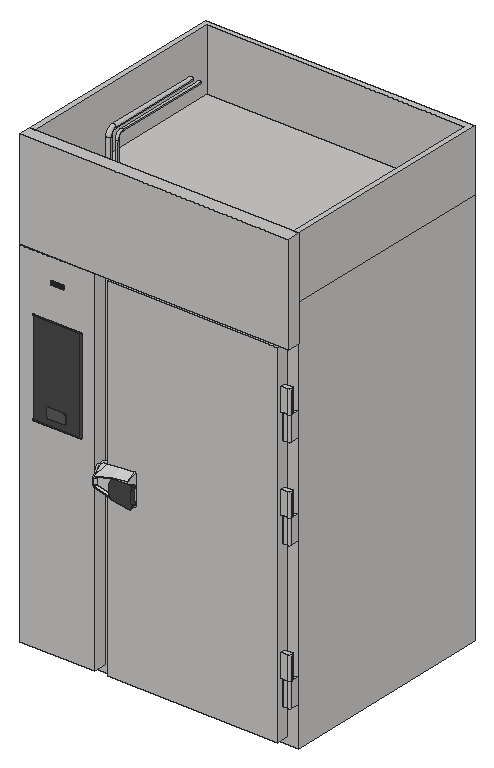
Revit family "QF_ZANUSSI_110553_ZBFA22RE", category Specialty Equipment, Revit 2018
Family settings
  Round Connector Dimension = Use Radius
  Part Type = Normal
  Work Plane-Based = No
  Always vertical = Yes
  Cut with Voids When Loaded = No
  Shared = Yes
  Room Calculation Point = No
Parameters
  Weight = 0.00 kg
  Watts = 209.032 W
  Volts = 380 V
  URL Manufacturer = "http://www.zanussiprofessional.com"
  URL = "http://www.zanussiprofessional.com"
  Steam Supply Size = 0"
  Steam Supply Minimum Pressure = 0.00 psi
  Steam Supply Maximum Pressure = 0.00 psi
  Steam Pounds per Hour = 0
  Show Logo [instance] = yes
  Refrigeration Suction Line Size = 0"
  Refrigeration Liquid Line Size = 0"
  Refrigerant Compressor Remote = yes
  Phase = 3
  Model = "ZBFA22RE"
  Manufacturer = "Zanussi"
  Length Actual = 1400 mm  # constant formula
  Item Number = "110553"
  Hot Water Size = 0"
  Height Actual = 2270 mm  # constant formula
  HP = "3 HP"
  Gas Size = 0"
  Gas KW = 0
  Gas Input Pressure = 0.0 Btu/h
  Description = "RAPIDO BLAST CHILLER FREEZER 200/170KG 20 GN 2/1 - REMOTE REFRIGERATING UNIT"
  Depth Actual = 1266 mm  # constant formula
  Cycle = 60 Hz
  Condensate Return Size = 0"
  Compressed Air Volume = 0 GPM
  Compressed Air Size = 0"
  Compressed Air Pressure = 0.00 psi
  Cold Water Size = 0"
  Assembly Code = ""
  Show Clearance [instance] = yes
  Accessory = yes
Reference planes
  plane 1 "BACK": y = 1
  plane 2: z = 0
  plane 3 "LEFT": x = 0
  plane 4 "RIGHT": x = 1400
  plane 5 "FRONT": y = -1205
  plane 6 "TOP": z = 2400
  plane 7 "Center Y": x = 700
  plane 8: y = -2155
  plane 9: y = -602
Forms (mm)
  Extrusion 1, solid, material "QF_Clearance", visible <- "Show Clearance", detail levels coarse
    sketch origin (0, 0, -70) x (1, 0, 0) y (0, 1, 0)
      loop
        line (0, -1205) -> (0, 1) -> (1400, 1) -> (1400, -1205) -> (1500, -1205) -> (1500, 101) -> (-100, 101) -> (-100, -1205) -> (0, -1205)
    from 70 to 2670
  Extrusion 2, solid, material "QF_Finishes_Stainless Steel"
    sketch origin (349.253, 33, 630.991) x (-1, 0, 0) y (0, -1, 0)
      loop
        line (349.253, 1172.759) -> (349.253, 1238) -> (-39.747, 1238) -> (-39.747, 1172.759) -> (349.253, 1172.759)
    from -597 to 1254
  Extrusion 3, solid, material "QF_Finishes_Stainless Steel"
    sketch origin (596.16, 27.971, -70) x (1, 0, 0) y (0, 1, 0)
      loop
        line (743.84, -1172.971) -> (-141.16, -1172.971) -> (-141.16, -1232.971) -> (743.84, -1232.971) -> (743.84, -1172.971)
    from 103.991 to 1945.25
  Extrusion 4, solid, material "QF_Door-Drawer Clearances", visible <- "Show Clearance", detail levels coarse
    sketch origin (875, -72.029, -91.802) x (-1, 0, 0) y (0, -1, 0)
      loop
        line (-465, 2025.971) -> (-465, 1132.971) -> (420, 1132.971)
        arc (420, 1132.971) -> (153.836, 1754.227) -> (-465, 2025.971) r 920
    from 125.793 to 1967.052
  Extrusion 5, solid, material "QF_Finishes_Stainless Steel"
    sketch origin (0, -1139.759, 0) x (0, 1, 0) y (-1, 0, 0)
      loop
        line (1140.759, 0) -> (0.759, 0) -> (0.759, -1400) -> (1140.759, -1400) -> (1140.759, 0)
    from 0 to 2080
  Extrusion 6, solid, material "QF_Finishes_Stainless Steel"
    sketch origin (0, 0, -70) x (0, 1, 0) y (0, 0, 1)
      loop
        line (-1139, 2470) -> (-1205, 2470) -> (-1205, 1956) -> (-1139, 1956) -> (-1139, 2470)
    from 0 to 1400
  Extrusion 7, solid, material "QF_Finishes_Stainless Steel"
    sketch origin (0, -1139.759, 2080) x (0, 1, 0) y (-1, 0, 0)
      loop
        line (1140.759, 0) -> (0.759, 0) -> (0.759, -27.807) -> (1112.952, -27.807) -> (1112.952, -1372.193) -> (0.759, -1372.193) -> (0.759, -1400) -> (1140.759, -1400) -> (1140.759, 0)
    from 0 to 320
  Extrusion 8, solid, material "QF_Clearance", visible <- "Show Clearance", detail levels coarse
    sketch origin (0, 0, 2400) x (-1, 0, 0) y (0, -1, 0)
      loop
        line (0, 1205) -> (-1400, 1205) -> (-1400, -1) -> (0, -1) -> (0, 1205)
    from 0 to 200
  Extrusion 9, solid, material "QF_Finishes_Stainless Steel"
    sketch origin (-390.239, -0.977, 1172.559) x (1, 0, 0) y (0, 1, 0)
      loop
        line (1730.239, -1159.557) -> (1730.239, -1186.759) -> (1771.078, -1186.759)
        arc (1771.078, -1186.759) -> (1778.149, -1183.83) -> (1781.078, -1176.759) r 10
        line (1781.078, -1176.759) -> (1781.078, -1169.557)
        arc (1781.078, -1169.557) -> (1778.149, -1162.486) -> (1771.078, -1159.557) r 10
        line (1771.078, -1159.557) -> (1730.239, -1159.557)
    from 398 to 516
  Extrusion 10, solid, material "QF_Finishes_Stainless Steel"
    sketch origin (-388.989, -0.977, 1172.559) x (1, 0, 0) y (0, 1, 0)
      loop
        line (1779.828, -1138.023) -> (1738.215, -1138.023) -> (1738.215, -1176.759)
        arc (1738.215, -1176.759) -> (1741.143, -1183.83) -> (1748.215, -1186.759) r 10
        line (1748.215, -1186.759) -> (1769.828, -1186.759)
        arc (1769.828, -1186.759) -> (1776.899, -1183.83) -> (1779.828, -1176.759) r 10
        line (1779.828, -1176.759) -> (1779.828, -1138.023)
    from 269 to 396
  Extrusion 11, solid, material "QF_Finishes_Handrails and Railings"
    sketch origin (0, -1205, -139.705) x (-1, 0, 0) y (0, 0, 1)
      loop
        arc (-455, 1022.346) -> (-433.392, 1027.289) -> (-413, 1035.976) r 124.815
        arc (-413, 1035.976) -> (-402.037, 1046.425) -> (-398, 1061.023) r 28.412
        line (-398, 1061.023) -> (-398, 1124.287)
        arc (-398, 1124.287) -> (-402.037, 1138.885) -> (-413, 1149.334) r 28.412
        arc (-413, 1149.334) -> (-433.392, 1158.021) -> (-455, 1162.964) r 124.815
        line (-455, 1162.964) -> (-455, 1022.346)
    from 0 to 25
  Extrusion 12, solid, material "QF_Finishes_Stainless Steel"
    sketch origin (0, 1, -70) x (1, 0, 0) y (0, 0, 1)
      loop
        circle (50.191, 2279.706) r 10
    from -2 to 0
  Extrusion 13, solid
    sketch origin (0, 0, -70) x (1, 0, 0) y (0, 1, 0)
      loop
        circle (271, -895) r 12.7
    from 180 to 190
  Sweep 14, solid, material "QF_Finishes_Stainless Steel"
    path in 3D
      loop
        line (196, -872.727, 2090) -> (196, -872.727, 2314.785)
        arc (196, -872.727, 2314.785) -> (196, -863.94, 2335.999) -> (196, -842.727, 2344.785) r 30
        line (196, -842.727, 2344.785) -> (196, -337, 2344.785)
    profile origin (196, -589.864, 2344.785) x (-1, 0, 0) y (0, 0, 1)
      loop
        circle (0, -0.785) r 11
  Sweep 15, solid, material "QF_Finishes_Stainless Steel"
    path in 3D
      loop
        line (239, -337, 2344) -> (239, -842.727, 2344)
        arc (239, -842.727, 2344) -> (239, -863.94, 2335.213) -> (239, -872.727, 2314) r 30
        line (239, -872.727, 2314) -> (239, -872.727, 2090)
    profile origin (239, -589.864, 2344) x (1, 0, 0) y (0, 0, 1)
      loop
        circle (0, 0) r 6
  Extrusion 16, solid, material "QF_Finishes_Stainless Steel"
    sketch origin (0, -1139.759, 2080) x (0, 1, 0) y (-1, 0, 0)
      loop
        line (272.791, -163.68) -> (262.791, -163.68)
        arc (262.791, -163.68) -> (252.185, -168.074) -> (247.791, -178.68) r 15
        line (247.791, -178.68) -> (247.791, -270.358)
        arc (247.791, -270.358) -> (252.185, -280.965) -> (262.791, -285.358) r 15
        line (262.791, -285.358) -> (272.791, -285.358)
        arc (272.791, -285.358) -> (283.398, -280.965) -> (287.791, -270.358) r 15
        line (287.791, -270.358) -> (287.791, -178.68)
        arc (287.791, -178.68) -> (283.398, -168.074) -> (272.791, -163.68) r 15
    from 0 to 10
  Blend 17, solid, material "QF_Finishes_Handrails and Railings"
    base sketch origin (0, -1205, -139.705) x (1, 0, 0) y (0, 0, 1)
      loop
        arc (455, 1162.964) -> (433.392, 1158.021) -> (413, 1149.334) r 124.815
        arc (413, 1149.334) -> (402.037, 1138.885) -> (398, 1124.287) r 28.412
        line (398, 1124.287) -> (398, 1061.023)
        arc (398, 1061.023) -> (402.037, 1046.425) -> (413, 1035.976) r 28.412
        arc (413, 1035.976) -> (433.392, 1027.289) -> (455, 1022.346) r 124.815
        arc (455, 1022.346) -> (524.77, 1014.896) -> (594.859, 1011.587) r 1185.63
        arc (594.859, 1011.587) -> (600.607, 1013.879) -> (603, 1019.586) r 8
        line (603, 1019.586) -> (603, 1165.724)
        arc (603, 1165.724) -> (600.607, 1171.431) -> (594.859, 1173.723) r 8
        arc (594.859, 1173.723) -> (524.77, 1170.414) -> (455, 1162.964) r 1185.63
    top sketch origin (0, -1205, -139.705) x (1, 0, 0) y (0, 0, 1)
      loop
        line (421, 1108.337) -> (421, 1076.973)
        arc (421, 1076.973) -> (423.295, 1069.915) -> (429.302, 1065.557) r 12
        arc (429.302, 1065.557) -> (515.086, 1044.22) -> (603, 1034.974) r 636.459
        line (603, 1034.974) -> (603, 1150.336)
        arc (603, 1150.336) -> (515.086, 1141.09) -> (429.302, 1119.753) r 636.459
        arc (429.302, 1119.753) -> (423.295, 1115.395) -> (421, 1108.337) r 12
    from 0 to 50
  Blend 18, void
    base sketch origin (0, -1255, -139.705) x (-1, 0, 0) y (0, 0, 1)
      loop
        arc (-430.843, 1114.996) -> (-515.866, 1136.151) -> (-603, 1145.333) r 631.459
        line (-603, 1145.333) -> (-603, 1039.977)
        arc (-603, 1039.977) -> (-515.866, 1049.159) -> (-430.843, 1070.314) r 631.459
        arc (-430.843, 1070.314) -> (-427.339, 1072.856) -> (-426, 1076.973) r 7
        line (-426, 1076.973) -> (-426, 1108.337)
        arc (-426, 1108.337) -> (-427.339, 1112.454) -> (-430.843, 1114.996) r 7
    top sketch origin (0, -1255, -139.705) x (-1, 0, 0) y (0, 0, 1)
      loop
        arc (-432.384, 1110.24) -> (-516.647, 1131.211) -> (-603, 1140.33) r 626.459
        line (-603, 1140.33) -> (-603, 1044.98)
        arc (-603, 1044.98) -> (-516.647, 1054.099) -> (-432.384, 1075.07) r 626.459
        arc (-432.384, 1075.07) -> (-431.382, 1075.797) -> (-431, 1076.973) r 2
        line (-431, 1076.973) -> (-431, 1108.337)
        arc (-431, 1108.337) -> (-431.382, 1109.513) -> (-432.384, 1110.24) r 2
    from 0 to 10
  Blend 19, solid, material "QF_Finishes_Black"
    base sketch origin (0, -1245, -139.705) x (1, 0, 0) y (0, 0, 1)
      loop
        arc (628.567, 1043.419) -> (622.014, 1092.655) -> (628.567, 1141.89) r 188.232
        arc (628.567, 1141.89) -> (627.358, 1147.991) -> (621.77, 1150.721) r 7
        arc (621.77, 1150.721) -> (572.304, 1148.509) -> (523.16, 1142.458) r 636.459
        arc (523.16, 1142.458) -> (507.711, 1092.655) -> (523.16, 1042.852) r 88
        arc (523.16, 1042.852) -> (572.304, 1036.801) -> (621.77, 1034.589) r 636.459
        arc (621.77, 1034.589) -> (627.358, 1037.319) -> (628.567, 1043.419) r 7
    top sketch origin (0, -1245, -139.705) x (1, 0, 0) y (0, 0, 1)
      loop
        arc (626.748, 1050.703) -> (622.014, 1092.655) -> (626.748, 1134.607) r 188.232
        arc (626.748, 1134.607) -> (625.775, 1138.85) -> (621.845, 1140.722) r 5
        arc (621.845, 1140.722) -> (569.023, 1138.185) -> (516.603, 1131.203) r 626.459
        arc (516.603, 1131.203) -> (507.711, 1092.655) -> (516.603, 1054.107) r 88
        arc (516.603, 1054.107) -> (569.023, 1047.124) -> (621.845, 1044.588) r 626.459
        arc (621.845, 1044.588) -> (625.775, 1046.46) -> (626.748, 1050.703) r 5
    from 20 to 0
  Extrusion 20, solid, material "QF_Finishes_Stainless Steel"
    sketch origin (-390.239, -0.977, 692.559) x (1, 0, 0) y (0, 1, 0)
      loop
        line (1730.239, -1159.557) -> (1730.239, -1186.759) -> (1771.078, -1186.759)
        arc (1771.078, -1186.759) -> (1778.149, -1183.83) -> (1781.078, -1176.759) r 10
        line (1781.078, -1176.759) -> (1781.078, -1169.557)
        arc (1781.078, -1169.557) -> (1778.149, -1162.486) -> (1771.078, -1159.557) r 10
        line (1771.078, -1159.557) -> (1730.239, -1159.557)
    from 398 to 516
  Extrusion 21, solid, material "QF_Finishes_Stainless Steel"
    sketch origin (-388.989, -0.977, 692.559) x (1, 0, 0) y (0, 1, 0)
      loop
        line (1779.828, -1138.023) -> (1738.215, -1138.023) -> (1738.215, -1176.759)
        arc (1738.215, -1176.759) -> (1741.143, -1183.83) -> (1748.215, -1186.759) r 10
        line (1748.215, -1186.759) -> (1769.828, -1186.759)
        arc (1769.828, -1186.759) -> (1776.899, -1183.83) -> (1779.828, -1176.759) r 10
        line (1779.828, -1176.759) -> (1779.828, -1138.023)
    from 269 to 396
  Extrusion 22, solid, material "QF_Finishes_Stainless Steel"
    sketch origin (-390.239, -0.977, -67.441) x (1, 0, 0) y (0, 1, 0)
      loop
        line (1730.239, -1159.557) -> (1730.239, -1186.759) -> (1771.078, -1186.759)
        arc (1771.078, -1186.759) -> (1778.149, -1183.83) -> (1781.078, -1176.759) r 10
        line (1781.078, -1176.759) -> (1781.078, -1169.557)
        arc (1781.078, -1169.557) -> (1778.149, -1162.486) -> (1771.078, -1159.557) r 10
        line (1771.078, -1159.557) -> (1730.239, -1159.557)
    from 398 to 516
  Extrusion 23, solid, material "QF_Finishes_Stainless Steel"
    sketch origin (-388.989, -0.977, -67.441) x (1, 0, 0) y (0, 1, 0)
      loop
        line (1779.828, -1138.023) -> (1738.215, -1138.023) -> (1738.215, -1176.759)
        arc (1738.215, -1176.759) -> (1741.143, -1183.83) -> (1748.215, -1186.759) r 10
        line (1748.215, -1186.759) -> (1769.828, -1186.759)
        arc (1769.828, -1186.759) -> (1776.899, -1183.83) -> (1779.828, -1176.759) r 10
        line (1779.828, -1176.759) -> (1779.828, -1138.023)
    from 269 to 396
  Extrusion 24, solid, material "QF_Door-Drawer Clearances", visible <- "Show Clearance", detail levels coarse
    sketch origin (167.029, -1956.84, -70) x (0, 1, 0) y (-1, 0, 0)
      loop
        line (751.84, -1172.971) -> (-141.16, -1172.971) -> (-141.16, -1232.971) -> (751.84, -1232.971) -> (751.84, -1172.971)
    from 103.991 to 1945.25
  Extrusion 25, solid, material "QF_Door-Drawer Clearances", visible <- "Show Clearance", detail levels coarse
    sketch origin (1400, -2553, -139.705) x (0, -1, 0) y (0, 0, 1)
      loop
        arc (-455, 1022.346) -> (-433.392, 1027.289) -> (-413, 1035.976) r 124.815
        arc (-413, 1035.976) -> (-402.037, 1046.425) -> (-398, 1061.023) r 28.412
        line (-398, 1061.023) -> (-398, 1124.287)
        arc (-398, 1124.287) -> (-402.037, 1138.885) -> (-413, 1149.334) r 28.412
        arc (-413, 1149.334) -> (-433.392, 1158.021) -> (-455, 1162.964) r 124.815
        line (-455, 1162.964) -> (-455, 1022.346)
    from 0 to 25
  Blend 26, solid, material "QF_Door-Drawer Clearances", visible <- "Show Clearance", detail levels coarse
    base sketch origin (1400, -2553, -139.705) x (0, 1, 0) y (0, 0, 1)
      loop
        arc (455, 1162.964) -> (433.392, 1158.021) -> (413, 1149.334) r 124.815
        arc (413, 1149.334) -> (402.037, 1138.885) -> (398, 1124.287) r 28.412
        line (398, 1124.287) -> (398, 1061.023)
        arc (398, 1061.023) -> (402.037, 1046.425) -> (413, 1035.976) r 28.412
        arc (413, 1035.976) -> (433.392, 1027.289) -> (455, 1022.346) r 124.815
        arc (455, 1022.346) -> (524.77, 1014.896) -> (594.859, 1011.587) r 1185.63
        arc (594.859, 1011.587) -> (600.607, 1013.879) -> (603, 1019.586) r 8
        line (603, 1019.586) -> (603, 1165.724)
        arc (603, 1165.724) -> (600.607, 1171.431) -> (594.859, 1173.723) r 8
        arc (594.859, 1173.723) -> (524.77, 1170.414) -> (455, 1162.964) r 1185.63
    top sketch origin (1400, -2553, -139.705) x (0, 1, 0) y (0, 0, 1)
      loop
        line (421, 1108.337) -> (421, 1076.973)
        arc (421, 1076.973) -> (423.295, 1069.915) -> (429.302, 1065.557) r 12
        arc (429.302, 1065.557) -> (515.086, 1044.22) -> (603, 1034.974) r 636.459
        line (603, 1034.974) -> (603, 1150.336)
        arc (603, 1150.336) -> (515.086, 1141.09) -> (429.302, 1119.753) r 636.459
        arc (429.302, 1119.753) -> (423.295, 1115.395) -> (421, 1108.337) r 12
    from 0 to 50
  Blend 27, void
    base sketch origin (1450, -2553, -139.705) x (0, -1, 0) y (0, 0, 1)
      loop
        arc (-430.843, 1114.996) -> (-515.866, 1136.151) -> (-603, 1145.333) r 631.459
        line (-603, 1145.333) -> (-603, 1039.977)
        arc (-603, 1039.977) -> (-515.866, 1049.159) -> (-430.843, 1070.314) r 631.459
        arc (-430.843, 1070.314) -> (-427.339, 1072.856) -> (-426, 1076.973) r 7
        line (-426, 1076.973) -> (-426, 1108.337)
        arc (-426, 1108.337) -> (-427.339, 1112.454) -> (-430.843, 1114.996) r 7
    top sketch origin (1450, -2553, -139.705) x (0, -1, 0) y (0, 0, 1)
      loop
        arc (-432.384, 1110.24) -> (-516.647, 1131.211) -> (-603, 1140.33) r 626.459
        line (-603, 1140.33) -> (-603, 1044.98)
        arc (-603, 1044.98) -> (-516.647, 1054.099) -> (-432.384, 1075.07) r 626.459
        arc (-432.384, 1075.07) -> (-431.382, 1075.797) -> (-431, 1076.973) r 2
        line (-431, 1076.973) -> (-431, 1108.337)
        arc (-431, 1108.337) -> (-431.382, 1109.513) -> (-432.384, 1110.24) r 2
    from 0 to 10
  Blend 28, solid, material "QF_Door-Drawer Clearances", visible <- "Show Clearance", detail levels coarse
    base sketch origin (1440, -2553, -139.705) x (0, 1, 0) y (0, 0, 1)
      loop
        arc (628.567, 1043.419) -> (622.014, 1092.655) -> (628.567, 1141.89) r 188.232
        arc (628.567, 1141.89) -> (627.358, 1147.991) -> (621.77, 1150.721) r 7
        arc (621.77, 1150.721) -> (572.304, 1148.509) -> (523.16, 1142.458) r 636.459
        arc (523.16, 1142.458) -> (507.711, 1092.655) -> (523.16, 1042.852) r 88
        arc (523.16, 1042.852) -> (572.304, 1036.801) -> (621.77, 1034.589) r 636.459
        arc (621.77, 1034.589) -> (627.358, 1037.319) -> (628.567, 1043.419) r 7
    top sketch origin (1440, -2553, -139.705) x (0, 1, 0) y (0, 0, 1)
      loop
        arc (626.748, 1050.703) -> (622.014, 1092.655) -> (626.748, 1134.607) r 188.232
        arc (626.748, 1134.607) -> (625.775, 1138.85) -> (621.845, 1140.722) r 5
        arc (621.845, 1140.722) -> (569.023, 1138.185) -> (516.603, 1131.203) r 626.459
        arc (516.603, 1131.203) -> (507.711, 1092.655) -> (516.603, 1054.107) r 88
        arc (516.603, 1054.107) -> (569.023, 1047.124) -> (621.845, 1044.588) r 626.459
        arc (621.845, 1044.588) -> (625.775, 1046.46) -> (626.748, 1050.703) r 5
    from 20 to -1
Cuts and joins
  Blend 18 cuts Blend 17
  joined: Extrusion 11, Blend 17
  Blend 18 cuts Extrusion 4
  Blend 27 cuts Blend 26
  Blend 27 cuts Blend 28
  joined: Extrusion 4, Extrusion 24, Extrusion 25, Blend 26, Blend 28
  joined: Extrusion 7, Extrusion 12
  joined: Extrusion 5, Extrusion 10, Sweep 14, Sweep 15, Extrusion 16, Extrusion 21, Extrusion 23
  joined: Extrusion 3, Extrusion 9, Extrusion 20, Extrusion 22
  joined: Extrusion 1, Extrusion 8
Lines and regions (mm)
  symbolic lines, style "QF-Clearances", visible <- "Show Clearance", detail levels coarse
    curve 1: line (-100, -1204.241, 70) -> (-100, 101, 70)
    curve 2: line (-100, 101, 70) -> (1500, 101, 70)
    curve 3: line (1500, 101, 70) -> (1500, -1204.241, 70)
  symbolic lines
    curve 4: line (185, -336.968, 70) -> (207, -336.968, 70)
    curve 5: line (207, -336.968, 70) -> (207, -871.942, 70)
    curve 6: line (233, -872.727, 70) -> (233, -337, 70)
    curve 7: line (233, -337, 70) -> (245, -337, 70)
    curve 8: line (245, -337, 70) -> (245, -872.727, 70)
    curve 9: line (245, -851.968, 70) -> (270.358, -851.968, 70)
    curve 10: arc (285.358, -866.968, 70) -> (280.965, -856.361, 70) -> (270.358, -851.968, 70) r 15
    curve 11: line (285.358, -876.968, 70) -> (285.358, -866.968, 70)
    curve 12: arc (270.358, -891.968, 70) -> (280.965, -887.575, 70) -> (285.358, -876.968, 70) r 15
    curve 13: line (178.68, -891.968, 70) -> (270.358, -891.968, 70)
    curve 14: arc (163.68, -876.968, 70) -> (168.074, -887.575, 70) -> (178.68, -891.968, 70) r 15
    curve 15: line (163.68, -866.968, 70) -> (163.68, -876.968, 70)
    curve 16: arc (178.68, -851.968, 70) -> (168.074, -856.361, 70) -> (163.68, -866.968, 70) r 15
    curve 17: arc (207, -871.942, 70) -> (196, -882.942, 70) -> (185, -871.942, 70) r 11
    curve 18: arc (233, -872.727, 70) -> (239, -878.727, 70) -> (245, -872.727, 70) r 6
    curve 19: line (178.68, -851.968, 70) -> (185, -851.968, 70)
    curve 20: line (185, -336.968, 70) -> (185, -871.942, 70)
    curve 21: line (207, -851.968, 70) -> (233, -851.968, 70)
    curve 22: line (0, 1, 70) -> (1400, 1, 70)
    curve 23: line (0, -1205, 70) -> (0, 1, 70)
    curve 24: line (1400, -1205, 70) -> (0, -1205, 70)
    curve 25: line (1400, 1, 70) -> (1400, -1205, 70)
    curve 26: line (27.807, -26.807, 70) -> (1372.193, -26.807, 70)
    curve 27: line (27.807, -1139, 70) -> (27.807, -26.807, 70)
    curve 28: line (1400, -1139, 70) -> (0, -1139, 70)
    curve 29: line (1372.193, -26.807, 70) -> (1372.193, -1139, 70)
    curve 30: line (75.5, -1210, 70) -> (313.5, -1210, 70)
    curve 31: line (75.5, -1210, 70) -> (67.5, -1205, 70)
    curve 32: line (313.5, -1210, 70) -> (321.5, -1205, 70)
    curve 33: line (421, -1255, 70) -> (398, -1205, 70)
    curve 34: line (421, -1255, 70) -> (603, -1255, 70)
    curve 35: line (603, -1255, 70) -> (603, -1205, 70)
    curve 36: line (603, -1245, 70) -> (626.748, -1245, 70)
    curve 37: line (626.748, -1245, 70) -> (628.811, -1265, 70)
    curve 38: line (628.811, -1265, 70) -> (507.711, -1265, 70)
    curve 39: line (507.711, -1265, 70) -> (507.711, -1255, 70)
  symbolic lines, style "QF_Door-Drawer Clearances", visible <- "Show Clearance"
    curve 40: line (1450, -2132, 70) -> (1400, -2155, 70)
    curve 41: line (1450, -2132, 70) -> (1450, -1950, 70)
    curve 42: line (1450, -1950, 70) -> (1400, -1950, 70)
    curve 43: line (1439, -1950, 70) -> (1439, -1926.126, 70)
    curve 44: line (1439, -1926.126, 70) -> (1460, -1924.189, 70)
    curve 45: line (1460, -1924.189, 70) -> (1460, -2045.289, 70)
    curve 46: line (1460, -2045.289, 70) -> (1450, -2045.289, 70)
    curve 47: line (1375, -2098, 70) -> (1375, -2155, 70)
    curve 48: line (1340, -2098, 70) -> (1400, -2098, 70)
    curve 49: arc (457.796, -1255, 70) -> (739.031, -1843.801, 70) -> (1340, -2098, 70) r 920
    curve 50: line (1400, -2155, 70) -> (1375, -2155, 70)
    curve 51: line (1400, -2098, 70) -> (1400, -1205, 70)
    curve 58: line (1340, -2098, 70) -> (1340, -1205, 70)
  sketch lines
    curve 52: line (196, -842.727, 2344.785) -> (196, -337, 2344.785)
    curve 53: arc (196, -872.727, 2314.785) -> (196, -863.94, 2335.999) -> (196, -842.727, 2344.785) r 30
    curve 54: line (196, -872.727, 2090) -> (196, -872.727, 2314.785)
    curve 55: line (239, -337, 2344) -> (239, -842.727, 2344)
    curve 56: arc (239, -842.727, 2344) -> (239, -863.94, 2335.213) -> (239, -872.727, 2314) r 30
    curve 57: line (239, -872.727, 2314) -> (239, -872.727, 2090)
Dimensions and locks
  plane 5 "FRONT" to plane 1 "BACK" = 1206 mm
  plane 6 "TOP" to level = 2400 mm
  plane 4 "RIGHT" to plane 3 "LEFT" = 1400 mm
  plane 3 "LEFT" to plane 4 "RIGHT" = 1400 mm
  equal spacing: plane 3 "LEFT", plane 7 "Center Y", plane 4 "RIGHT"
  plane 1 "BACK" to plane 5 "FRONT" = 1206 mm
  aligned and locked: level to plane 2
Automatic sketch dimensions
  plane 5 "FRONT" to Extrusion 1 sketch curve = 0 mm  (x2)
  Extrusion 1 sketch curve to plane 3 "LEFT" = 0 mm
  plane 1 "BACK" to Extrusion 1 sketch curve = 0 mm
  Extrusion 1 sketch curve to plane 4 "RIGHT" = 0 mm
  Extrusion 1 sketch curve to plane 3 "LEFT" = 100 mm
  plane 4 "RIGHT" to Extrusion 1 sketch curve = 100 mm
  Extrusion 1 sketch curve to plane 1 "BACK" = 100 mm
  plane 5 "FRONT" to Extrusion 2 sketch curve = 0 mm
  Extrusion 2 sketch curve to plane 3 "LEFT" = 0 mm
  Extrusion 2 sketch curve to plane 5 "FRONT" = 65.241 mm
  plane 5 "FRONT" to Extrusion 3 sketch curve = 0 mm
  Extrusion 3 sketch curve to plane 5 "FRONT" = 60 mm
  Extrusion 3 sketch curve to plane 4 "RIGHT" = 60 mm
  plane 5 "FRONT" to Extrusion 4 sketch curve = 0 mm
  Extrusion 4 sketch curve to plane 4 "RIGHT" = 25.377 mm
  Extrusion 4 sketch curve to Extrusion 4 sketch curve = 34.623 mm
  Extrusion 4 sketch curve to plane 5 "FRONT" = 26.348 mm
  Extrusion 5 sketch curve to plane 3 "LEFT" = 0 mm
  Extrusion 5 sketch curve to plane 4 "RIGHT" = 0 mm
  plane 1 "BACK" to Extrusion 5 sketch curve = 0 mm
  Extrusion 5 sketch curve to plane 5 "FRONT" = 66 mm
  Extrusion 6 sketch curve to plane 5 "FRONT" = 0 mm
  Extrusion 6 sketch curve to plane 5 "FRONT" = 66 mm
  Extrusion 6 sketch curve to plane 6 "TOP" = 514 mm
  plane 6 "TOP" to Extrusion 6 sketch curve = 0 mm
  Extrusion 5 to Extrusion 7 sketch curve = 0 mm
  Extrusion 7 sketch curve to Extrusion 5 = 0 mm  (x4)
  Extrusion 7 sketch curve to Extrusion 5 = 27.807 mm  (x3)
  Extrusion 8 sketch curve to plane 4 "RIGHT" = 0 mm
  plane 1 "BACK" to Extrusion 8 sketch curve = 0 mm
  Extrusion 8 sketch curve to plane 3 "LEFT" = 0 mm
  plane 5 "FRONT" to Extrusion 8 sketch curve = 0 mm
  Extrusion 9 sketch curve to plane 5 "FRONT" = 17.264 mm
  Extrusion 9 sketch curve to plane 4 "RIGHT" = 60 mm
  Extrusion 9 sketch curve to plane 4 "RIGHT" = 19.161 mm
  Extrusion 9 sketch curve to Extrusion 9 sketch curve = 0 mm
  Extrusion 9 sketch curve to plane 4 "RIGHT" = 9.161 mm
  Extrusion 9 sketch curve to Extrusion 9 sketch curve = 7.202 mm
  Extrusion 10 sketch curve to plane 5 "FRONT" = 27.264 mm
  Extrusion 10 sketch curve to plane 4 "RIGHT" = 50.775 mm
  Extrusion 10 sketch curve to Extrusion 10 sketch curve = 10 mm
  Extrusion 10 sketch curve to plane 4 "RIGHT" = 19.161 mm
  Extrusion 10 sketch curve to plane 4 "RIGHT" = 9.161 mm
  Extrusion 10 sketch curve to Extrusion 10 sketch curve = 38.736 mm
  plane 7 "Center Y" to Extrusion 11 sketch curve = 228.081 mm
  Extrusion 11 sketch curve to Extrusion 11 sketch curve = 0 mm
  Extrusion 11 sketch curve to Extrusion 11 sketch curve = 16.919 mm
  Extrusion 11 sketch curve to Extrusion 11 sketch curve = 28.588 mm  (x2)
  Extrusion 11 sketch curve to Extrusion 11 sketch curve = 28.412 mm
  level to Extrusion 11 sketch curve = 882.641 mm
  Extrusion 11 sketch curve to Extrusion 11 sketch curve = 16.954 mm  (x2)
  Extrusion 11 sketch curve to Extrusion 11 sketch curve = 38.676 mm
  Extrusion 11 sketch curve to Extrusion 11 sketch curve = 63.265 mm
  Extrusion 11 sketch curve to Extrusion 11 sketch curve = 21.722 mm
  plane 3 "LEFT" to Extrusion 12 sketch curve = 50.191 mm
  Extrusion 12 sketch curve to plane 6 "TOP" = 190.294 mm
  Extrusion 13 sketch curve to plane 9 = 293 mm
  Sweep 14 sketch curve to profile plane = 0 mm
  Sweep 14 sketch curve to profile plane = 0.785 mm
  profile plane to Sweep 15 sketch curve = 0 mm
  Sweep 15 sketch curve to profile plane = 0 mm
  Extrusion 16 sketch curve to Extrusion 5 = 247.032 mm
  Extrusion 16 sketch curve to Extrusion 16 sketch curve = 15 mm  (x3)
  Extrusion 16 sketch curve to Extrusion 16 sketch curve = 10 mm  (x2)
  Extrusion 16 sketch curve to Extrusion 5 = 285.358 mm
  Extrusion 16 sketch curve to Extrusion 16 sketch curve = 91.678 mm
  Blend 17 sketch curve to Extrusion 11 = 0 mm  (x4)
  Blend 17 sketch curve to Extrusion 11 = 28.412 mm
  Blend 17 sketch curve to Blend 17 sketch curve = 123.081 mm  (x2)
  Blend 17 sketch curve to Blend 17 sketch curve = 8 mm
  Extrusion 11 to Blend 17 sketch curve = 160.712 mm  (x2)
  Blend 17 sketch curve to Blend 17 sketch curve = 19.715 mm  (x2)
  Blend 17 sketch curve to Blend 17 sketch curve = 38.676 mm
  Blend 17 sketch curve to Extrusion 11 = 23 mm
  Blend 17 sketch curve to Blend 17 sketch curve = 12 mm  (x2)
  Extrusion 11 to Blend 17 sketch curve = 148 mm
  Extrusion 11 to Blend 17 sketch curve = 170.45 mm  (x2)
  Blend 17 sketch curve to Blend 17 sketch curve = 520.701 mm  (x2)
  Blend 17 sketch curve to Blend 17 sketch curve = 41.999 mm
  Blend 17 sketch curve to Blend 17 sketch curve = 31.364 mm
  Blend 17 sketch curve to Blend 17 sketch curve = 115.362 mm
  Blend 17 to Blend 18 sketch curve = 0 mm  (x2)
  Blend 18 sketch curve to Blend 18 sketch curve = 7 mm
  Blend 18 sketch curve to Blend 18 sketch curve = 31.364 mm  (x2)
  Blend 18 sketch curve to Blend 18 sketch curve = 2 mm
  Blend 18 to Blend 19 sketch curve = 18.811 mm  (x2)
  Blend 19 sketch curve to Blend 18 = 7.289 mm  (x2)
  Blend 19 sketch curve to Blend 19 sketch curve = 188.435 mm
  Blend 19 sketch curve to Blend 19 sketch curve = 7 mm  (x2)
  Blend 19 sketch curve to Blend 19 sketch curve = 51.066 mm  (x2)
  Blend 19 sketch curve to Blend 19 sketch curve = 0 mm  (x6)
  Blend 19 sketch curve to Blend 18 = 79.84 mm
  Blend 18 to Blend 19 sketch curve = 18.874 mm  (x2)
  Blend 19 sketch curve to Blend 19 sketch curve = 188.371 mm
  Blend 19 sketch curve to Blend 19 sketch curve = 5 mm  (x2)
  Blend 19 sketch curve to Blend 19 sketch curve = 43.067 mm  (x2)
  Blend 19 sketch curve to Blend 18 = 85.603 mm
  Extrusion 20 sketch curve to plane 5 "FRONT" = 17.264 mm
  Extrusion 20 sketch curve to plane 4 "RIGHT" = 60 mm
  Extrusion 20 sketch curve to plane 4 "RIGHT" = 19.161 mm
  Extrusion 20 sketch curve to Extrusion 20 sketch curve = 0 mm
  Extrusion 20 sketch curve to plane 4 "RIGHT" = 9.161 mm
  Extrusion 20 sketch curve to Extrusion 20 sketch curve = 7.202 mm
  Extrusion 21 sketch curve to plane 5 "FRONT" = 27.264 mm
  Extrusion 21 sketch curve to plane 4 "RIGHT" = 50.775 mm
  Extrusion 21 sketch curve to Extrusion 21 sketch curve = 10 mm
  Extrusion 21 sketch curve to plane 4 "RIGHT" = 19.161 mm
  Extrusion 21 sketch curve to plane 4 "RIGHT" = 9.161 mm
  Extrusion 21 sketch curve to Extrusion 21 sketch curve = 38.736 mm
  Extrusion 22 sketch curve to plane 5 "FRONT" = 17.264 mm
  Extrusion 22 sketch curve to plane 4 "RIGHT" = 60 mm
  Extrusion 22 sketch curve to plane 4 "RIGHT" = 19.161 mm
  Extrusion 22 sketch curve to Extrusion 22 sketch curve = 0 mm
  Extrusion 22 sketch curve to plane 4 "RIGHT" = 9.161 mm
  Extrusion 22 sketch curve to Extrusion 22 sketch curve = 7.202 mm
  Extrusion 23 sketch curve to plane 5 "FRONT" = 27.264 mm
  Extrusion 23 sketch curve to plane 4 "RIGHT" = 50.775 mm
  Extrusion 23 sketch curve to Extrusion 23 sketch curve = 10 mm
  Extrusion 23 sketch curve to plane 4 "RIGHT" = 19.161 mm
  Extrusion 23 sketch curve to plane 4 "RIGHT" = 9.161 mm
  Extrusion 23 sketch curve to Extrusion 23 sketch curve = 38.736 mm
  Extrusion 24 sketch curve to plane 4 "RIGHT" = 0 mm
  plane 5 "FRONT" to Extrusion 24 sketch curve = 0 mm
  Extrusion 24 sketch curve to plane 8 = 57 mm
  Extrusion 24 sketch curve to plane 4 "RIGHT" = 60 mm
  Extrusion 25 sketch curve to plane 8 = 0 mm
  Extrusion 25 sketch curve to Extrusion 25 sketch curve = 28.412 mm  (x2)
  Extrusion 25 sketch curve to Extrusion 25 sketch curve = 28.588 mm
  Extrusion 25 sketch curve to Extrusion 25 sketch curve = 16.919 mm  (x2)
  level to Extrusion 25 sketch curve = 882.641 mm
  Extrusion 25 sketch curve to Extrusion 25 sketch curve = 16.954 mm  (x2)
  Extrusion 25 sketch curve to Extrusion 25 sketch curve = 38.676 mm
  Extrusion 25 sketch curve to Extrusion 25 sketch curve = 63.265 mm
  Extrusion 25 sketch curve to Extrusion 25 sketch curve = 21.722 mm
  Blend 26 sketch curve to Extrusion 25 = 0 mm  (x4)
  Blend 26 sketch curve to Extrusion 25 = 28.412 mm
  Blend 26 sketch curve to Blend 26 sketch curve = 123.081 mm  (x2)
  Blend 26 sketch curve to Blend 26 sketch curve = 8 mm
  Extrusion 25 to Blend 26 sketch curve = 160.712 mm  (x2)
  Blend 26 sketch curve to Blend 26 sketch curve = 19.715 mm  (x2)
  Blend 26 sketch curve to Blend 26 sketch curve = 38.676 mm
  Blend 26 sketch curve to Extrusion 25 = 23 mm
  Blend 26 sketch curve to Blend 26 sketch curve = 12 mm  (x2)
  Extrusion 25 to Blend 26 sketch curve = 148 mm
  Extrusion 25 to Blend 26 sketch curve = 170.45 mm  (x2)
  Blend 26 sketch curve to Blend 26 sketch curve = 520.701 mm  (x2)
  Blend 26 sketch curve to Blend 26 sketch curve = 41.999 mm
  Blend 26 sketch curve to Blend 26 sketch curve = 31.364 mm
  Blend 26 sketch curve to Blend 26 sketch curve = 115.362 mm
  Blend 27 sketch curve to Blend 26 = 0 mm  (x2)
  Blend 27 sketch curve to Blend 27 sketch curve = 7 mm
  Blend 27 sketch curve to Blend 27 sketch curve = 31.364 mm  (x2)
  Blend 27 sketch curve to Blend 27 sketch curve = 2 mm
  Blend 27 to Blend 28 sketch curve = 18.811 mm  (x2)
  Blend 28 sketch curve to Blend 27 = 7.289 mm  (x2)
  Blend 28 sketch curve to Blend 28 sketch curve = 188.435 mm
  Blend 28 sketch curve to Blend 28 sketch curve = 7 mm  (x2)
  Blend 28 sketch curve to Blend 28 sketch curve = 51.066 mm  (x2)
  Blend 28 sketch curve to Blend 28 sketch curve = 0 mm  (x6)
  Blend 28 sketch curve to Blend 27 = 79.84 mm
  Blend 27 to Blend 28 sketch curve = 18.874 mm  (x2)
  Blend 28 sketch curve to Blend 28 sketch curve = 188.371 mm
  Blend 28 sketch curve to Blend 28 sketch curve = 5 mm  (x2)
  Blend 28 sketch curve to Blend 28 sketch curve = 43.067 mm  (x2)
  Blend 28 sketch curve to Blend 27 = 85.603 mm
  plane 7 "Center Y" to Extrusion 2 sketch curve = 311 mm
  plane 7 "Center Y" to Extrusion 3 sketch curve = 245 mm
  plane 7 "Center Y" to Extrusion 4 sketch curve = 245 mm
  plane 3 "LEFT" to Extrusion 13 sketch curve = 271 mm
  plane 8 to curve 47 = 0 mm
  curve 42 to plane 4 "RIGHT" = 0 mm
  plane 5 "FRONT" to curve 33 = 0 mm
  curve 28 to plane 3 "LEFT" = 0 mm
  plane 1 "BACK" to curve 22 = 0 mm
  curve 50 to plane 4 "RIGHT" = 0 mm
  curve 41 to plane 8 = 23 mm
  curve 48 to plane 8 = 57 mm
  curve 48 to curve 46 = 52.711 mm
  curve 46 to curve 41 = 95.289 mm
  plane 4 "RIGHT" to curve 44 = 39 mm
  curve 43 to curve 44 = 23.874 mm
  curve 43 to curve 45 = 1.937 mm
  plane 5 "FRONT" to curve 37 = 60 mm
  plane 5 "FRONT" to curve 34 = 50 mm
  curve 37 to curve 37 = 20 mm
  plane 5 "FRONT" to curve 30 = 5 mm
  curve 49 to plane 5 "FRONT" = 26.348 mm
  plane 3 "LEFT" to curve 13 = 178.68 mm
  curve 13 to plane 9 = 289.968 mm
  curve 13 to curve 14 = 15 mm
  curve 12 to curve 11 = 15 mm
  curve 12 to curve 18 = 4.241 mm
  curve 14 to curve 17 = 5.026 mm
  curve 14 to curve 15 = 10 mm
  curve 12 to curve 11 = 10 mm
  curve 10 to curve 9 = 15 mm
  curve 16 to curve 19 = 15 mm
  plane 9 to curve 7 = 265 mm
  curve 6 to curve 5 = 0.032 mm
  plane 1 "BACK" to curve 26 = 27.807 mm
  curve 2 to plane 1 "BACK" = 100 mm
  curve 42 to curve 43 = 11 mm
  curve 45 to curve 43 = 21 mm
  plane 4 "RIGHT" to curve 2 = 100 mm
  curve 40 to curve 47 = 25 mm
  curve 49 to plane 4 "RIGHT" = 25.377 mm
  curve 29 to plane 4 "RIGHT" = 27.807 mm
  curve 47 to curve 48 = 35 mm
  plane 7 "Center Y" to curve 37 = 71.189 mm
  curve 37 to curve 36 = 2.062 mm
  curve 36 to curve 34 = 23.748 mm
  curve 39 to curve 49 = 49.915 mm
  curve 49 to curve 33 = 36.796 mm
  curve 33 to curve 30 = 107.5 mm
  curve 11 to curve 16 = 106.678 mm
  curve 12 to curve 8 = 25.358 mm
  curve 8 to curve 18 = 6 mm
  curve 6 to curve 4 = 26 mm
  curve 5 to curve 17 = 11 mm
  plane 3 "LEFT" to curve 30 = 75.5 mm
  plane 3 "LEFT" to curve 27 = 27.807 mm
  curve 1 to plane 3 "LEFT" = 100 mm
  curve 3 to plane 5 "FRONT" = 0.759 mm
  curve 1 to plane 5 "FRONT" = 0.759 mm
  curve 49 to curve 29 = 39.652 mm
  curve 17 to curve 21 = 19.974 mm
  curve 33 to curve 33 = 23 mm
  curve 32 to curve 30 = 8 mm
  curve 30 to curve 31 = 8 mm
  radius of Extrusion 12 sketch curve = 10 mm
  radius of Extrusion 13 sketch curve = 12.7 mm
  radius of Sweep 14 sketch curve = 11 mm
  radius of Sweep 15 sketch curve = 6 mm
  radius of Blend 17 sketch curve to Extrusion 11 = 0 mm  (x3)
  radius of Blend 18 sketch curve to Blend 17 = 5 mm  (x3)
  radius of Blend 18 sketch curve to Blend 17 = 10 mm  (x3)
  radius of Blend 18 to Blend 19 sketch curve = 10 mm  (x2)
  radius of Blend 19 sketch curve to Blend 18 = 0 mm  (x2)
  radius of Blend 26 sketch curve to Extrusion 25 = 0 mm  (x3)
  radius of Blend 27 sketch curve to Blend 26 = 5 mm  (x3)
  radius of Blend 27 sketch curve to Blend 26 = 10 mm  (x3)
  radius of Blend 27 to Blend 28 sketch curve = 10 mm  (x2)
  radius of Blend 28 sketch curve to Blend 27 = 0 mm  (x2)
Nested families
  nested 1: "ZAN_Touch" at (194.5, -1205, 1338.103) x (1, 0, 0) z (0, -1, 0), type "ZAN_Touch"
  nested 2: "ZAN_Logo_XS" at (194.5, -1205, 1764.991) x (1, 0, 0) z (0, -1, 0), visible <- "Show Logo", type "ZAN_Logo_XS"
Connectors
  piping at (271, -895, 110), diameter 25.4
    settings: on Extrusion 13, index 5, connector inside diameter 24", connector length 0 mm, flow factor 0, pipe flow 0 GPM, pressure drop 0.00 psi, fitting loss kfactor 0, connector angle 0.00°, fixture units 0, engagement length 0 mm, angle of deflection 0.00°, flow configuration 1, flow direction 2, fitting loss method 0, system type 16, joint type 0, gender type 0, connector reference index -1, connector utility 0, adjustable connector no, is connector primary yes, connector description "Drain"
  electrical at (50.191, 3, 2209.706), driven by "Volts"
    settings: on Extrusion 12, index 6, voltage 380 V, apparent load 0 VA, apparent load phase1 0 VA, apparent load phase2 0 VA, apparent load phase3 0 VA, power factor 1, load classification "Altro", number of poles 1, system type 30, power factor state 1, is connector primary yes, connector utility no, sub classification motor no, connector description "Electrical Connection"
  piping at (239, -337, 2344), diameter 12
    settings: on Sweep 15, index 7, connector inside diameter 24", connector length 0 mm, flow factor 0, pipe flow 0 GPM, pressure drop 0.00 psi, fitting loss kfactor 0, connector angle 0.00°, fixture units 0, engagement length 0 mm, angle of deflection 0.00°, flow configuration 1, flow direction 1, fitting loss method 0, system type 8, joint type 0, gender type 0, connector reference index -1, connector utility 0, adjustable connector no, is connector primary no, connector description "Refrigerant Outlet"
  piping at (196, -337, 2344), diameter 22
    settings: on Sweep 14, index 8, connector inside diameter 24", connector length 0 mm, flow factor 0, pipe flow 0 GPM, pressure drop 0.00 psi, fitting loss kfactor 0, connector angle 0.00°, fixture units 0, engagement length 0 mm, angle of deflection 0.00°, flow configuration 1, flow direction 1, fitting loss method 0, system type 7, joint type 0, gender type 0, connector reference index -1, connector utility 0, adjustable connector no, is connector primary no, connector description "Refrigerant Inlet"
Definition of nested family "ZAN_Touch"
  Parameters
    Default Elevation = 1219.2 mm
  Reference planes
    plane 1 "Centro (Fronte/Retro)": y = 0
    plane 2: z = 0
    plane 3 "Centro (Sinistra/Destra)": x = 0
  Forms (mm)
    Extrusion 1, solid
      sketch origin (0, 0, 0) x (1, 0, 0) y (0, 1, 0)
        loop
          line (-1219.2, 1219.2) -> (-1219.2, -1219.2) -> (1219.2, -1219.2) -> (1219.2, 1219.2) -> (-1219.2, 1219.2)
      from 0 to -304.8
    Extrusion 2, solid
      sketch origin (0, 0, 5) x (1, 0, 0) y (0, 1, 0)
        loop
          line (-47, -160) -> (-47, -202)
          arc (-47, -202) -> (-45.536, -205.535) -> (-42, -207) r 5
          line (-42, -207) -> (42, -207)
          arc (42, -207) -> (45.536, -205.535) -> (47, -202) r 5
          line (47, -202) -> (47, -160)
          arc (47, -160) -> (45.536, -156.465) -> (42, -155) r 5
          line (42, -155) -> (-42, -155)
          arc (-42, -155) -> (-45.536, -156.465) -> (-47, -160) r 5
      from 0 to 2
    Blend 3, solid
      base sketch origin (0, 0, 0) x (1, 0, 0) y (0, 1, 0)
        loop
          line (-127, 244) -> (-127, -244)
          arc (-127, -244) -> (-125.536, -247.536) -> (-122, -249) r 5
          line (-122, -249) -> (122, -249)
          arc (122, -249) -> (125.536, -247.536) -> (127, -244) r 5
          line (127, -244) -> (127, 244)
          arc (127, 244) -> (125.536, 247.536) -> (122, 249) r 5
          line (122, 249) -> (-122, 249)
          arc (-122, 249) -> (-125.536, 247.536) -> (-127, 244) r 5
      top sketch origin (0, 0, 0) x (1, 0, 0) y (0, 1, 0)
        loop
          line (-119, -241) -> (119, -241) -> (119, 241) -> (-119, 241) -> (-119, -241)
      from 0 to 5
  Lines and regions (mm)
    Split face 1
      outline origin (0, 0, 5) x (1, 0, 0) y (0, 1, 0)
        loop
          line (-70.506, 46.167) -> (70.506, 46.167) -> (70.506, 214.829) -> (-70.506, 214.829) -> (-70.506, 46.167)
    Split face 2
      outline origin (0, 0, 5) x (1, 0, 0) y (0, 1, 0)
        loop
          line (-47.467, 50.825) -> (47.467, 50.825) -> (47.467, 210.171) -> (-47.467, 210.171) -> (-47.467, 50.825)
    Split face 3
      outline origin (0, 0, 5) x (1, 0, 0) y (0, 1, 0)
        loop
          line (116.89, 241) -> (114.093, 80.78)
          arc (114.093, 80.78) -> (111.629, 50.696) -> (105.329, 21.176) r 235
          arc (105.329, 21.176) -> (102.404, 0) -> (105.329, -21.176) r 78.117
          arc (105.329, -21.176) -> (111.629, -50.696) -> (114.093, -80.78) r 235
          line (114.093, -80.78) -> (116.89, -241)
  Dimensions and locks
    aligned and locked: plane 2 to Extrusion 1
    aligned and locked: level to Extrusion 1
Definition of nested family "ZAN_Logo_XS"
  Parameters
    Default Elevation = 0 mm
    M [instance] = none
  Reference planes
    plane 1 "Centro (Fronte/Retro)": y = 0
    plane 2: z = 0
    plane 3 "Centro (Sinistra/Destra)": x = 0
  Forms (mm)
    Extrusion 1, solid
      sketch origin (0, 0, 0) x (1, 0, 0) y (0, 1, 0)
        loop
          line (-1219.2, 1219.2) -> (-1219.2, -1219.2) -> (1219.2, -1219.2) -> (1219.2, 1219.2) -> (-1219.2, 1219.2)
      from 0 to -304.8
    Extrusion 2, solid, material <- "M"
      sketch origin (17.793, -46.218, 0) x (-1, 0, 0) y (0, -1, 0)
        loop
          spline (1.911, -54.793) -> (2.402, -54.973) -> (2.91, -55.105) -> (3.43, -55.191) -> (3.955, -55.229) -> (4.482, -55.219) -> (5.006, -55.161) -> (5.521, -55.054) -> (6.022, -54.898) -> (6.506, -54.693) -> (6.966, -54.438) -> (7.398, -54.133) -> (7.797, -53.778)
          spline (7.797, -53.778) -> (8.033, -53.407) -> (8.237, -53.008) -> (8.407, -52.586) -> (8.544, -52.147) -> (8.65, -51.697) -> (8.723, -51.241) -> (8.764, -50.785) -> (8.774, -50.335) -> (8.753, -49.897) -> (8.701, -49.475) -> (8.619, -49.075) -> (8.507, -48.704)
          line (8.507, -48.704) -> (6.883, -46.37) -> (5.158, -44.848) -> (3.027, -42.716)
          spline (3.027, -42.716) -> (3.002, -42.56) -> (2.979, -42.398) -> (2.962, -42.23) -> (2.952, -42.059) -> (2.951, -41.886) -> (2.963, -41.714) -> (2.99, -41.545) -> (3.034, -41.378) -> (3.098, -41.218) -> (3.184, -41.065) -> (3.295, -40.921) -> (3.433, -40.788)
          line (3.433, -40.788) -> (4.752, -40.687)
          spline (4.752, -40.687) -> (4.999, -40.855) -> (5.185, -41.053) -> (5.32, -41.275) -> (5.41, -41.518) -> (5.463, -41.775) -> (5.488, -42.044) -> (5.491, -42.319) -> (5.481, -42.596) -> (5.466, -42.87) -> (5.452, -43.137) -> (5.448, -43.392) -> (5.462, -43.63)
          line (5.462, -43.63) -> (9.014, -43.63)
          spline (9.014, -43.63) -> (9.056, -43.199) -> (9.08, -42.769) -> (9.084, -42.342) -> (9.067, -41.92) -> (9.027, -41.503) -> (8.964, -41.093) -> (8.875, -40.691) -> (8.759, -40.3) -> (8.615, -39.919) -> (8.441, -39.552) -> (8.237, -39.198) -> (7.999, -38.86)
          spline (7.999, -38.86) -> (7.708, -38.596) -> (7.394, -38.361) -> (7.059, -38.155) -> (6.707, -37.977) -> (6.338, -37.828) -> (5.957, -37.706) -> (5.565, -37.612) -> (5.165, -37.545) -> (4.76, -37.504) -> (4.351, -37.491) -> (3.942, -37.503) -> (3.534, -37.541)
          spline (3.534, -37.541) -> (3.104, -37.608) -> (2.677, -37.709) -> (2.258, -37.842) -> (1.85, -38.007) -> (1.459, -38.203) -> (1.086, -38.429) -> (0.737, -38.685) -> (0.415, -38.969) -> (0.123, -39.282) -> (-0.133, -39.622) -> (-0.35, -39.989) -> (-0.525, -40.383)
          spline (-0.525, -40.383) -> (-0.633, -40.866) -> (-0.704, -41.352) -> (-0.738, -41.837) -> (-0.736, -42.318) -> (-0.698, -42.794) -> (-0.627, -43.262) -> (-0.521, -43.719) -> (-0.382, -44.164) -> (-0.211, -44.592) -> (-0.008, -45.003) -> (0.226, -45.394) -> (0.49, -45.761)
          line (0.49, -45.761) -> (4.549, -49.414) -> (5.056, -50.023) -> (5.259, -51.647) -> (4.042, -52.256) -> (3.027, -51.546) -> (2.925, -49.414) -> (-0.424, -49.414) -> (-0.22, -52.865)
          spline (-0.22, -52.865) -> (-0.13, -53.068) -> (-0.013, -53.268) -> (0.127, -53.466) -> (0.287, -53.658) -> (0.464, -53.843) -> (0.655, -54.019) -> (0.856, -54.185) -> (1.065, -54.338) -> (1.278, -54.478) -> (1.492, -54.601) -> (1.704, -54.707) -> (1.911, -54.793)
        loop
          spline (-10.267, -52.966) -> (-9.987, -53.421) -> (-9.658, -53.822) -> (-9.284, -54.17) -> (-8.873, -54.466) -> (-8.429, -54.711) -> (-7.959, -54.907) -> (-7.467, -55.054) -> (-6.96, -55.154) -> (-6.443, -55.207) -> (-5.922, -55.214) -> (-5.402, -55.178) -> (-4.889, -55.098)
          spline (-4.889, -55.098) -> (-4.532, -55.03) -> (-4.176, -54.93) -> (-3.825, -54.799) -> (-3.483, -54.639) -> (-3.156, -54.45) -> (-2.847, -54.235) -> (-2.561, -53.994) -> (-2.303, -53.729) -> (-2.077, -53.442) -> (-1.889, -53.134) -> (-1.742, -52.805) -> (-1.641, -52.459)
          spline (-1.641, -52.459) -> (-1.485, -51.997) -> (-1.371, -51.525) -> (-1.299, -51.049) -> (-1.269, -50.572) -> (-1.282, -50.098) -> (-1.337, -49.63) -> (-1.434, -49.173) -> (-1.574, -48.73) -> (-1.756, -48.306) -> (-1.98, -47.904) -> (-2.246, -47.528) -> (-2.555, -47.182)
          line (-2.555, -47.182) -> (-6.31, -43.833) -> (-7.121, -42.615)
          spline (-7.121, -42.615) -> (-7.146, -42.461) -> (-7.169, -42.304) -> (-7.188, -42.144) -> (-7.2, -41.984) -> (-7.204, -41.823) -> (-7.198, -41.664) -> (-7.178, -41.506) -> (-7.144, -41.352) -> (-7.093, -41.202) -> (-7.023, -41.058) -> (-6.932, -40.919) -> (-6.817, -40.788)
          line (-6.817, -40.788) -> (-5.802, -40.585)
          spline (-5.802, -40.585) -> (-5.443, -40.671) -> (-5.17, -40.818) -> (-4.971, -41.02) -> (-4.836, -41.266) -> (-4.753, -41.547) -> (-4.711, -41.854) -> (-4.699, -42.178) -> (-4.705, -42.51) -> (-4.718, -42.84) -> (-4.726, -43.16) -> (-4.719, -43.46) -> (-4.686, -43.731)
          line (-4.686, -43.731) -> (-1.134, -43.63)
          spline (-1.134, -43.63) -> (-1.09, -43.193) -> (-1.063, -42.747) -> (-1.055, -42.296) -> (-1.07, -41.845) -> (-1.112, -41.396) -> (-1.185, -40.953) -> (-1.291, -40.522) -> (-1.435, -40.104) -> (-1.619, -39.705) -> (-1.848, -39.329) -> (-2.125, -38.978) -> (-2.453, -38.657)
          spline (-2.453, -38.657) -> (-2.873, -38.351) -> (-3.319, -38.09) -> (-3.785, -37.876) -> (-4.269, -37.706) -> (-4.765, -37.582) -> (-5.269, -37.503) -> (-5.778, -37.468) -> (-6.287, -37.477) -> (-6.792, -37.53) -> (-7.288, -37.626) -> (-7.771, -37.765) -> (-8.238, -37.947)
          spline (-8.238, -37.947) -> (-8.443, -38.033) -> (-8.65, -38.14) -> (-8.858, -38.264) -> (-9.065, -38.405) -> (-9.269, -38.562) -> (-9.468, -38.733) -> (-9.661, -38.917) -> (-9.846, -39.112) -> (-10.022, -39.317) -> (-10.185, -39.53) -> (-10.335, -39.751) -> (-10.47, -39.977)
          spline (-10.47, -39.977) -> (-10.65, -40.464) -> (-10.783, -40.962) -> (-10.87, -41.467) -> (-10.91, -41.976) -> (-10.904, -42.487) -> (-10.851, -42.996) -> (-10.752, -43.501) -> (-10.606, -43.998) -> (-10.413, -44.486) -> (-10.174, -44.961) -> (-9.889, -45.421) -> (-9.557, -45.863)
          line (-9.557, -45.863) -> (-5.295, -49.719) -> (-4.787, -51.038) -> (-5.193, -52.053) -> (-6.107, -52.256) -> (-7.121, -51.546) -> (-7.223, -49.516) -> (-10.673, -49.414)
          spline (-10.673, -49.414) -> (-10.656, -49.721) -> (-10.65, -50.03) -> (-10.653, -50.341) -> (-10.658, -50.651) -> (-10.662, -50.96) -> (-10.661, -51.267) -> (-10.648, -51.569) -> (-10.621, -51.865) -> (-10.573, -52.154) -> (-10.502, -52.435) -> (-10.401, -52.706) -> (-10.267, -52.966)
        loop
          line (-11.282, -37.541) -> (-14.834, -37.541) -> (-14.834, -54.894) -> (-11.282, -54.894) -> (-11.282, -37.541)
        loop
          line (15.205, -41.702) -> (15.205, -54.894) -> (18.757, -54.894) -> (18.757, -43.224) -> (18.554, -40.383)
          arc (18.554, -40.383) -> (17.093, -38.328) -> (14.698, -37.541) r 4.037
          line (14.698, -37.541) -> (13.074, -37.541) -> (12.262, -37.744)
          arc (12.262, -37.744) -> (10.306, -39.004) -> (9.522, -41.194) r 3.619
          line (9.522, -41.194) -> (9.522, -54.894) -> (13.074, -54.894) -> (13.074, -42.006) -> (13.479, -41.093) -> (14.596, -40.991) -> (15.205, -41.702)
        loop
          line (19.569, -54.894) -> (22.816, -54.894) -> (22.816, -43.833) -> (25.759, -54.894) -> (29.514, -54.894) -> (29.514, -37.541) -> (26.368, -37.541) -> (26.368, -49.008) -> (23.425, -37.541) -> (19.569, -37.541) -> (19.569, -54.894)
        loop
          line (41.184, -54.894) -> (50.013, -54.894) -> (50.013, -51.647) -> (45.345, -51.749) -> (50.419, -41.093) -> (50.419, -37.541) -> (41.184, -37.541) -> (41.184, -41.093) -> (46.511, -41.093) -> (41.184, -51.952) -> (41.184, -54.894)
        loop
          line (32.964, -54.894) -> (37.835, -54.894) -> (40.981, -37.541) -> (37.328, -37.541) -> (36.821, -40.89) -> (33.878, -40.89) -> (33.37, -37.541) -> (29.717, -37.541) -> (32.964, -54.894)
        loop
          line (36.415, -44.036) -> (34.385, -44.036) -> (35.4, -51.928) -> (36.415, -44.036)
      from 0 to 1.644
  Dimensions and locks
    aligned and locked: plane 2 to Extrusion 1
    aligned and locked: level to Extrusion 1
